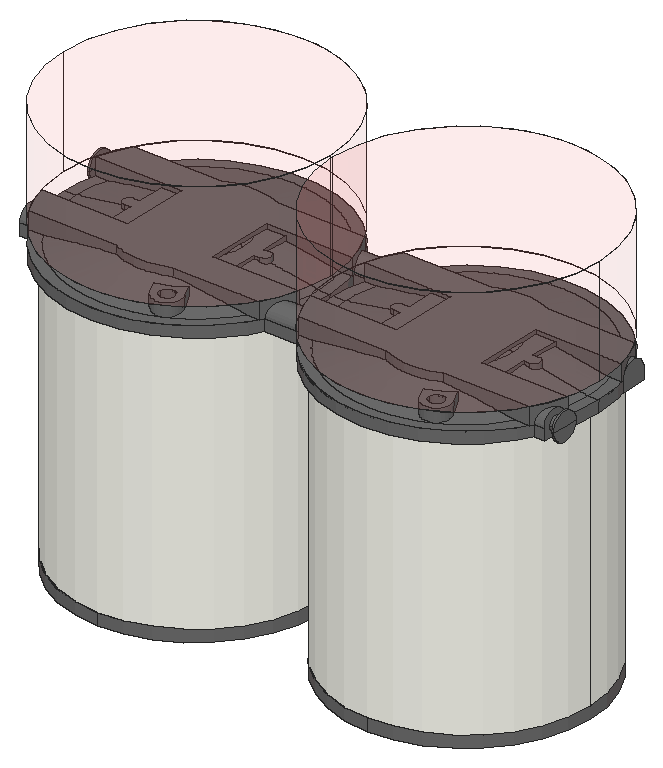
Revit family
Parameters (values of type "1320CRF")
  Watermarked By = "http://revitwatermark.com"
  Water_Ice Tank Volume = "3310 Gallons"
  Warning = "Ice tanks are a component in an ice storage system including chillers, pumps, and controls. Contact CALMAC for IceBank® selection support to make sure all system components will work together properly."
  URL = "http://www.calmac.com/"
  Total Cooling Capacity [instance] = 0.0 ton
  Tank Net Usable Capacity = "324 Ton-Hrs"
  Product Page URL = "http://calmac.com/products/icebank.asp"
  Is Tank 2 Lid Visible = not(CTRL Off)  # yes
  Is Tank 2 Front Right Connector Visible = not(CTRL Off)  # yes
  Is Tank 2 Front Left Connector Visible = not(CTRL Off)  # yes
  Is Tank 2 Back Right Connector Visible = not(CTRL Off)  # yes
  Is Tank 2 Back Left Connector Visible = not(CTRL Off)  # yes
  Is Tank 1 Front Right Connector Visible = not(CTRL Off)  # yes
  Is Tank 1 Front Left Connector Visible = not(CTRL Off)  # yes
  Is Tank 1 Back Right Connector Visible = not(CTRL On)  # no
  Is Tank 1 Back Left Connector Visible = not(CTRL Off)  # yes
  Surface Finish = Plastic- Calmac- Black
  Supply Coolant Temperature [instance] = -459.67 °F
  Storage Inlet Temperature [instance] = 60 °F
  Shipping Weight = 4000.00 lbf
  Return Coolant Temperature [instance] = -459.67 °F
  Requires Plate Heat Exchanger [instance] = no
  Project/Customer = ""
  Product Documentation Link = "http://calmac.com/products/documents/CS-51Model-1320CRFDecember2007.pdf"
  Pressure Drop [instance] = 0.00 psi
  Precool Hours [instance] = 0
  Pipe Material = Plastic- Calmac- Black
  Operating Weight = 34000.00 lbf
  Occupied Hours [instance] = 0
  Model = "1320C"
  Maximum Operating Temperature = "38°C"
  Maximum Operating Pressure = "620 kPa"
  Manufacturer e-mail = "info@Calmac.com"
  Manufacturer Contact Details = "CALMAC Manufacturing Corporation Headquarters, 3-00 Banta Place, Fair Lawn, NJ  07410, Tel: (201) 797-1511, Fax: (201) 797-1522"
  Manufacturer = " CALMAC Manufacturing Corp."  # constant formula
  Main Use [instance] = ""
  Location [instance] = ""
  Lid Type = Cooling_Plant_Accessories-Calmac-IceBank-Lid_C : Lid-C
  Lid Diameter = 7' - 5"  # constant formula
  Leg 4 = 11' - 3 1/256"  # constant formula
  Leg 2 = 7' - 6"  # constant formula
  Leg 1 = 3' - 9"  # constant formula
  Latent Cooling Capacity [instance] = 0.0 ton
  Inlet Outlet Center Height = 8' - 0 1/2"  # constant formula
  Heat Exchanger Volume = "315 Gallons"
  Has Rigging Bar [instance] = no
  Has Plate and Frame Heat Exchanger [instance] = no
  Has Ice Inventory Meter [instance] = no
  Has Heat Transfer Fluid [instance] = no
  Has Glycol Management System [instance] = no
  Floor Loading Weight = "391 lb/sq.ft."
  Factory Tested Pressure = "1724 kPa"
  Diversity Factor [instance] = 0
  Discharge Rate [instance] = 0
  Discharge Hours [instance] = 0
  Description = "Off-Peak Cooling System"
  Is Clearance Box Visible [instance] = yes
  Clearance Box Height = 3' - 0"  # constant formula
  City/State [instance] = ""
  CTRL On = yes
  CTRL Off = not(CTRL On)  # no
  CTRL Hydronic Supply Description = "Hydronic Supply"  # constant formula
  CTRL Hydronic Return Description = "Hydronic Return"  # constant formula
  CTRL Base Radius = 3' - 5 3/8"
  Body Material = Plastic- Calmac- Off_White
  Has Solid Base [instance] = yes
  Is Tank 2 Visible = not(CTRL Off)  # yes
  Base Height = Inlet Outlet Center Height - 0' 3 3/4"  # 7' - 8 3/4"
  Base Finish = Plastic- Calmac- Black
  Assembly Code = "D3030300"
  Actual Chilled Water Flow [instance] = 0 GPM
Reference planes (in)
  plane 1 "Center (Front/Back)": y = 0
  plane 2 "Bottom": z = 0
  plane 3 "Center (Left/Right)": x = 0
  plane 4 "Left 2 Center (L/R)": x = -90
  plane 5 "T.O. Base": z = 92.75
  plane 6 "Inlet/Outlet Center (Elevation)": z = 96.5
  plane 7 "Right Connector Face": x = 45
  plane 8 "Left Connector Face": x = -135.00391
  plane 9 "T1-T2": x = -44.9993
  plane 10 "T.O. Lid": z = 102
  plane 11 "Top": z = 138
  plane 12 "Front Connector Center (F/B)": y = -16.5
  plane 13 "Back Connector Center (F/B)": y = 16.5
  plane 14 "Back": y = 44.5
  plane 15 "Front": y = -44.5
  plane 16 "Actual Dim Left": x = -136.01172
  plane 17 "Actual Dim Right": x = 46.0007
Dimensions and locks (in)
  "Leg 2": plane 4 "Left 2 Center (L/R)" to nested 4
  locked: plane 6 "Inlet/Outlet Center (Elevation)" to plane 5 "T.O. Base" at 3.75
  "Inlet Outlet Center Height": plane 6 "Inlet/Outlet Center (Elevation)" to plane 2 "Bottom"
  "Leg 1": plane 3 "Center (Left/Right)" to plane 7 "Right Connector Face"
  "Leg 4": plane 8 "Left Connector Face" to plane 3 "Center (Left/Right)"
  locked: plane 7 "Right Connector Face" to plane 9 "T1-T2" at 89.9993
  locked: plane 10 "T.O. Lid" to plane 6 "Inlet/Outlet Center (Elevation)" at 5.5
  locked: plane 12 "Front Connector Center (F/B)" to plane 1 "Center (Front/Back)" at 16.5
  locked: plane 1 "Center (Front/Back)" to plane 13 "Back Connector Center (F/B)" at 16.5
  locked: plane 15 "Front" to plane 1 "Center (Front/Back)" at 44.5
  locked: plane 1 "Center (Front/Back)" to plane 14 "Back" at 44.5
  "Clearance Box Height": plane 11 "Top" to plane 10 "T.O. Lid"
  aligned and locked: plane 1 "Center (Front/Back)" to nested 1
  aligned and locked: plane 3 "Center (Left/Right)" to nested 1
  aligned and locked: plane 4 "Left 2 Center (L/R)" to nested 2
  aligned and locked: plane 1 "Center (Front/Back)" to nested 2
  aligned and locked: plane 1 "Center (Front/Back)" to nested 3
  aligned and locked: plane 4 "Left 2 Center (L/R)" to nested 3
  aligned and locked: plane 3 "Center (Left/Right)" to nested 4
  aligned and locked: plane 1 "Center (Front/Back)" to nested 4
  aligned and locked: plane 5 "T.O. Base" to nested 4
  aligned and locked: plane 5 "T.O. Base" to nested 3
  aligned and locked: nested 3 to nested 4
  aligned and locked: plane 17 "Actual Dim Right" to nested 4
  aligned and locked: plane 16 "Actual Dim Left" to nested 3
Nested families (in)
  nested 1: "Cooling_Plant_Accessories-Calmac-IceBank-Base" at (0, 0, 0), type "Base"
    with Is Symbolic Line Visible no, Has Solid Base yes, CTRL Inner Wall Radius 3' - 4 1/2", CTRL Base Radius 3' - 5 3/8", Base Height 7' - 8 3/4"
  nested 2: "Cooling_Plant_Accessories-Calmac-IceBank-Base" at (-90, 0, 0), visible <- "Is Tank 2 Visible", type "Base"
    with Is Symbolic Line Visible no, Has Solid Base yes, CTRL Inner Wall Radius 3' - 4 1/2", CTRL Base Radius 3' - 5 3/8", Base Height 7' - 8 3/4"
  nested 3: "Cooling_Plant_Accessories-Calmac-IceBank-Lid_C" at (-90, 0, 92.75), type <- "Lid Type", visible <- "Is Tank 2 Lid Visible", Is Front Right  Flanged Connector Visibility <- "Is Tank 2 Front Right Connector Visible", Is Front Left  Flanged Connector Visibility <- "CTRL Off", Is Clearance Box Visible <- "Is Clearance Box Visible", Is Back Right Flanged Connector Visibility <- "CTRL Off", Is Back Left  Flanged Connector Visibility <- "Is Tank 2 Back Left Connector Visible", Diameter <- "Lid Diameter", Clearance Box Height <- "Clearance Box Height", type "Lid-C"
    with Show Piping Insulation yes, Is Front Right  Flanged Connector Visibility yes, Is Front Left  Flanged Connector Visibility no, Is Clearance Box Visible yes, Is Back Right Flanged Connector Visibility no, Is Back Left  Flanged Connector Visibility yes, Insulation Length Right 11' - 0 19/32", Insulation Length Left 3' - 6 19/32", Diameter 7' - 5", Connections Rear Cooling_Plant_Accessories-Calmac-IceBank-4-Inch Flanged Connection : Flange, Connections Front Cooling_Plant_Accessories-Calmac-IceBank-4-Inch Flanged Connection : Flange, Clearance Box Height 3' - 0", CTRL Radius 3' - 8 1/2"
  nested 4: "Cooling_Plant_Accessories-Calmac-IceBank-Lid_C" at (0, 0, 92.75), type <- "Lid Type", Is Front Right  Flanged Connector Visibility <- "CTRL Off", Is Front Left  Flanged Connector Visibility <- "CTRL Off", Is Clearance Box Visible <- "Is Clearance Box Visible", Is Back Right Flanged Connector Visibility <- "CTRL Off", Is Back Left  Flanged Connector Visibility <- "CTRL Off", Diameter <- "Lid Diameter", Clearance Box Height <- "Clearance Box Height", type "Lid-C"
    with Show Piping Insulation no, Is Front Right  Flanged Connector Visibility no, Is Front Left  Flanged Connector Visibility no, Is Clearance Box Visible yes, Is Back Right Flanged Connector Visibility no, Is Back Left  Flanged Connector Visibility no, Insulation Length Right 3' - 6 19/32", Insulation Length Left 3' - 6 19/32", Diameter 7' - 5", Connections Rear Cooling_Plant_Accessories-Calmac-IceBank-4-Inch Flanged Connection : Flange, Connections Front Cooling_Plant_Accessories-Calmac-IceBank-4-Inch Flanged Connection : Flange, Clearance Box Height 3' - 0", CTRL Radius 3' - 8 1/2"
Connectors (in)
  piping at (45.0007, -16.5, 96.5), driven by "CTRL Hydronic Return Description", driven by "Actual Chilled Water Flow"
    settings: on nested 4, index 2, connector radius 2", flow factor 0, pipe flow 0 GPM, pressure drop 0.00 psi, fitting loss kfactor 0, connector angle 0.00°, fixture units 0, flow configuration 0, flow direction 1, fitting loss method 0, system type 8, connector reference index -1, connector utility 0, adjustable connector no, is connector primary yes, fitting loss table "", connector description "Hydronic Return"
  piping at (-135.0007, 16.5, 96.5), driven by "CTRL Hydronic Supply Description", driven by "Actual Chilled Water Flow"
    settings: on nested 3, index 4, connector radius 2", flow factor 0, pipe flow 0 GPM, pressure drop 0.00 psi, fitting loss kfactor 0, connector angle 0.00°, fixture units 0, flow configuration 0, flow direction 2, fitting loss method 0, system type 7, connector reference index -1, connector utility 0, adjustable connector no, is connector primary no, fitting loss table "", connector description "Hydronic Supply"
Definition of nested family "Cooling_Plant_Accessories-Calmac-IceBank-Base"
  Parameters (values of type "Base")
    Wall Thickness = 0' - 0 7/8"
    URL = "http://www.calmac.com/"
    Type Comments = ""
    Is Symbolic Line Visible = not(Has Solid Base)  # yes
    Has Solid Base = no
    Model = ""
    Manufacturer = "CALMAC Manufacturing Corp."  # constant formula
    CTRL Inner Wall Radius = CTRL Base Radius - Wall Thickness  # 3' - 0"
    CTRL Base Radius = 3' - 0 7/8"
    Body Material = Plastic- Calmac- Off_White
    Base Height = 3' - 7 5/16"
    Base Finish = Plastic- Calmac- Black
    Assembly Code = "D3030"
  Reference planes (in)
    plane 1 "Center (Front/Back)": y = 0
    plane 2 "Bottom": z = 0
    plane 3 "Center (Left/Right)": x = 0
    plane 4 "Back": y = 36.875
    plane 5 "Front": y = -36.875
    plane 6 "Right": x = 36.875
    plane 7 "Left": x = -36.875
    plane 8 "T.O. Base Plate": z = 4
    plane 9 "Right Edge of Right Void": x = 24.125
    plane 10 "Left Edge of Right Void": x = 13.125
    plane 11 "Left Edge of Left Void": x = -24.125
    plane 12 "Right Edge of Left Void": x = -13.125
    plane 13 "T.O. Base Void": z = 2
    plane 14 "T.O. Base": z = 43.3125
  Forms (in)
    Extrusion 1, solid, material "Plastic- Calmac- Black" <- "Base Finish", visible <- "Is Symbolic Line Visible", detail levels fine
      sketch origin (0, 0, 0) x (1, 0, 0) y (0, 1, 0)
        loop
          circle (0, 0) r 36.875
      from 0 to 4
    Extrusion 2, void
      sketch origin (0, 0, 0) x (1, 0, 0) y (0, 1, 0)
        loop
          line (-24.125, 36.875) -> (-24.125, -36.875) -> (-13.125, -36.875) -> (-13.125, 36.875) -> (-24.125, 36.875)
        loop
          line (13.125, 36.875) -> (13.125, -36.875) -> (24.125, -36.875) -> (24.125, 36.875) -> (13.125, 36.875)
      from 0 to 2
    Extrusion 3, solid, material "Plastic- Calmac- Off_White" <- "Body Material", detail levels fine
      sketch origin (0, 0, 0) x (1, 0, 0) y (0, 1, 0)
        loop
          circle (0, 0) r 36.875
        loop
          circle (0, 0) r 36
      from 4 to 43.3125
    Extrusion 4, solid, material "Plastic- Calmac- Black" <- "Base Finish", visible <- "Has Solid Base", detail levels fine
      sketch origin (0, 0, 43.3125) x (0, -1, 0) y (1, 0, 0)
        loop
          circle (0, 0) r 36.875
      from -43.3125 to -39.3125
  Cuts and joins
    Extrusion 2 cuts Extrusion 3
    Extrusion 2 cuts Extrusion 1
  Lines and regions (in)
    Masking region 1
      outline origin (0, 0, 0) x (1, 0, 0) y (0, 1, 0)
        loop
          circle (0, 0) r 36.875
    Masking region 2
      outline origin (0, 0, 0) x (1, 0, 0) y (0, 0, 1)
        loop
          line (-36.875, 0) -> (36.875, 0) -> (36.875, 43.3125) -> (-36.875, 43.3125) -> (-36.875, 0)
    Masking region 3
      outline origin (0, 0, 0) x (0, 1, 0) y (0, 0, 1)
        loop
          line (-36.875, 0) -> (36.875, 0) -> (36.875, 43.3125) -> (-36.875, 43.3125) -> (-36.875, 0)
    symbolic lines, style "Base", detail levels medium+fine
      curve 1: line (-36.875, 0, 4) -> (36.875, 0, 4)
      curve 8: line (0, -36.875, 4) -> (0, 36.875, 4)
    symbolic lines, style "Base", visible <- "Is Symbolic Line Visible", detail levels medium+fine
      curve 2: line (-24.125, 0, 0) -> (-24.125, 0, 2)
      curve 3: line (-24.125, 0, 2) -> (-13.125, 0, 2)
      curve 4: line (13.125, 0, 2) -> (24.125, 0, 2)
      curve 5: line (13.125, 0, 0) -> (13.125, 0, 2)
      curve 6: line (24.125, 0, 0) -> (24.125, 0, 2)
      curve 7: line (-13.125, 0, 0) -> (-13.125, 0, 2)
    model lines, style "Base", detail levels medium
      curve 9: circle (0, 0, 43.3125) r 36.875 normal (0, 0, 1)
      curve 10: circle (0, 0, 4) r 36.875 normal (0, 0, 1)
      curve 11: circle (0, 0, 0) r 36.875 normal (0, 0, 1)
      curve 12: line (36.875, 0, 0) -> (36.875, 0, 43.3125)
      curve 13: line (-36.875, 0, 0) -> (-36.875, 0, 43.3125)
      curve 14: line (0, -36.875, 0) -> (0, -36.875, 43.3125)
      curve 15: line (0, 36.875, 0) -> (0, 36.875, 43.3125)
    model lines, style "Base", detail levels coarse
      curve 16: line (0, 0, 0) -> (0, 0, 43.3125)
  Dimensions and locks (in)
    locked: plane 7 "Left" to plane 11 "Left Edge of Left Void" at 12.75
    locked: plane 7 "Left" to plane 12 "Right Edge of Left Void" at 23.75
    locked: plane 9 "Right Edge of Right Void" to plane 6 "Right" at 12.75
    locked: plane 10 "Left Edge of Right Void" to plane 6 "Right" at 23.75
    "CTRL Base Radius": plane 7 "Left" to plane 3 "Center (Left/Right)"
    "CTRL Base Radius": plane 3 "Center (Left/Right)" to plane 6 "Right"
    "CTRL Base Radius": plane 1 "Center (Front/Back)" to plane 4 "Back"
    "CTRL Base Radius": plane 5 "Front" to plane 1 "Center (Front/Back)"
    locked: plane 8 "T.O. Base Plate" to plane 2 "Bottom" at 4
    "Base Height": plane 14 "T.O. Base" to plane 2 "Bottom"
    locked: plane 13 "T.O. Base Void" to plane 2 "Bottom" at 2
    "CTRL Base Radius": radius of Extrusion 1 sketch curve
    "CTRL Base Radius": radius of Extrusion 3 sketch curve
    "CTRL Inner Wall Radius": radius of Extrusion 3 sketch curve
    "CTRL Base Radius": radius of Masking region 1 sketch curve
    "CTRL Base Radius": radius of curve 9
    "CTRL Base Radius": radius of curve 10
    "CTRL Base Radius": radius of curve 11
    "CTRL Base Radius": radius of Extrusion 4 sketch curve
    aligned and locked: plane 3 "Center (Left/Right)" to Extrusion 1 sketch curve
    aligned and locked: plane 1 "Center (Front/Back)" to Extrusion 1 sketch curve
    aligned and locked: Extrusion 1 to plane 2 "Bottom"
    aligned and locked: plane 8 "T.O. Base Plate" to Extrusion 1
    aligned and locked: plane 2 "Bottom" to Extrusion 1
    aligned and locked: Extrusion 2 sketch curve to plane 4 "Back"  (x2)
    aligned and locked: Extrusion 2 sketch curve to plane 12 "Right Edge of Left Void"
    aligned and locked: plane 11 "Left Edge of Left Void" to Extrusion 2 sketch curve
    aligned and locked: Extrusion 2 sketch curve to plane 5 "Front"  (x2)
    aligned and locked: Extrusion 2 sketch curve to plane 10 "Left Edge of Right Void"
    aligned and locked: Extrusion 2 sketch curve to plane 9 "Right Edge of Right Void"
    aligned and locked: plane 13 "T.O. Base Void" to Extrusion 2
    aligned and locked: Extrusion 2 to plane 2 "Bottom"
    aligned and locked: Extrusion 2 to plane 5 "Front"
    aligned and locked: plane 4 "Back" to Extrusion 2
    aligned and locked: Extrusion 2 to plane 13 "T.O. Base Void"  (x2)
    aligned and locked: plane 11 "Left Edge of Left Void" to Extrusion 2
    aligned and locked: plane 2 "Bottom" to Extrusion 2  (x2)
    aligned and locked: Extrusion 2 to plane 12 "Right Edge of Left Void"
    aligned and locked: plane 10 "Left Edge of Right Void" to Extrusion 2
    aligned and locked: Extrusion 2 to plane 9 "Right Edge of Right Void"
    aligned and locked: plane 3 "Center (Left/Right)" to Extrusion 3 sketch curve  (x2)
    aligned and locked: plane 1 "Center (Front/Back)" to Extrusion 3 sketch curve  (x2)
    aligned and locked: Extrusion 3 to plane 8 "T.O. Base Plate"
    aligned and locked: plane 14 "T.O. Base" to Extrusion 3
    aligned and locked: plane 3 "Center (Left/Right)" to Masking region 1 sketch curve
    aligned and locked: plane 1 "Center (Front/Back)" to Masking region 1 sketch curve
    aligned and locked: Masking region 2 sketch curve to plane 14 "T.O. Base"
    aligned and locked: plane 6 "Right" to Masking region 2 sketch curve
    aligned and locked: plane 2 "Bottom" to Masking region 2 sketch curve
    aligned and locked: Masking region 2 sketch curve to plane 7 "Left"
    aligned and locked: plane 7 "Left" to curve 1
    aligned and locked: plane 6 "Right" to curve 1
    aligned and locked: curve 1 to plane 8 "T.O. Base Plate"
    aligned and locked: plane 11 "Left Edge of Left Void" to curve 3
    aligned and locked: plane 12 "Right Edge of Left Void" to curve 3
    aligned and locked: curve 3 to plane 13 "T.O. Base Void"
    aligned and locked: plane 2 "Bottom" to curve 2
    aligned and locked: curve 2 to plane 11 "Left Edge of Left Void"
    aligned and locked: plane 10 "Left Edge of Right Void" to curve 4
    aligned and locked: plane 9 "Right Edge of Right Void" to curve 4
    aligned and locked: plane 13 "T.O. Base Void" to curve 5
    aligned and locked: plane 13 "T.O. Base Void" to curve 6
    aligned and locked: plane 2 "Bottom" to curve 5
    aligned and locked: curve 5 to plane 10 "Left Edge of Right Void"
    aligned and locked: curve 6 to plane 9 "Right Edge of Right Void"
    aligned and locked: plane 13 "T.O. Base Void" to curve 7
    aligned and locked: plane 2 "Bottom" to curve 7
    aligned and locked: curve 7 to plane 12 "Right Edge of Left Void"
    aligned and locked: plane 5 "Front" to Masking region 3 sketch curve
    aligned and locked: plane 14 "T.O. Base" to Masking region 3 sketch curve
    aligned and locked: Masking region 3 sketch curve to plane 4 "Back"
    aligned and locked: plane 2 "Bottom" to Masking region 3 sketch curve
    aligned and locked: plane 4 "Back" to curve 8
    aligned and locked: plane 5 "Front" to curve 8
    aligned and locked: curve 8 to plane 8 "T.O. Base Plate"
    aligned and locked: plane 3 "Center (Left/Right)" to curve 9
    aligned and locked: plane 1 "Center (Front/Back)" to curve 9
    aligned and locked: curve 9 to plane 14 "T.O. Base"
    aligned and locked: curve 10 to plane 8 "T.O. Base Plate"
    aligned and locked: plane 3 "Center (Left/Right)" to curve 10
    aligned and locked: plane 1 "Center (Front/Back)" to curve 10
    aligned: curve 11 to plane 2 "Bottom"
    aligned and locked: plane 3 "Center (Left/Right)" to curve 11
    aligned and locked: plane 1 "Center (Front/Back)" to curve 11
    aligned and locked: plane 14 "T.O. Base" to curve 12
    aligned and locked: plane 14 "T.O. Base" to curve 13
    aligned and locked: plane 2 "Bottom" to curve 12
    aligned and locked: plane 2 "Bottom" to curve 13
    aligned and locked: curve 12 to plane 6 "Right"
    aligned and locked: curve 13 to plane 7 "Left"
    aligned and locked: curve 12 to plane 1 "Center (Front/Back)"
    aligned and locked: curve 13 to plane 1 "Center (Front/Back)"
    aligned and locked: plane 14 "T.O. Base" to curve 14
    aligned and locked: plane 14 "T.O. Base" to curve 15
    aligned and locked: plane 2 "Bottom" to curve 14
    aligned and locked: plane 2 "Bottom" to curve 15
    aligned and locked: plane 4 "Back" to curve 15
    aligned and locked: plane 5 "Front" to curve 14
    aligned and locked: plane 3 "Center (Left/Right)" to curve 14
    aligned and locked: plane 3 "Center (Left/Right)" to curve 15
    aligned and locked: plane 14 "T.O. Base" to curve 16
    aligned and locked: plane 2 "Bottom" to curve 16
    aligned and locked: plane 3 "Center (Left/Right)" to curve 16
    aligned and locked: curve 16 to plane 1 "Center (Front/Back)"
    aligned and locked: plane 1 "Center (Front/Back)" to Extrusion 4 sketch curve
    aligned and locked: plane 3 "Center (Left/Right)" to Extrusion 4 sketch curve
    aligned and locked: plane 8 "T.O. Base Plate" to Extrusion 4
    aligned and locked: Extrusion 4 to plane 2 "Bottom"
  Automatic sketch dimensions
    curve 6 to level = 0' - 0"
Definition of nested family "Cooling_Plant_Accessories-Calmac-IceBank-Lid_C"
  Parameters (values of type "Lid-C")
    Surface Finish = Plastic- Calmac- Black
    Show Piping Insulation [instance] = yes
    Insulation Length Right [instance] = 3' - 6 19/32"
    Insulation Length Left [instance] = 3' - 6 19/32"
    Connections Rear [instance] = Cooling_Plant_Accessories-Calmac-IceBank-4-Inch Flanged Connection : Flange
    Pipe Material = Plastic- Calmac- Black
    Is Front Right  Flanged Connector Visibility [instance] = yes
    Is Front Left  Flanged Connector Visibility [instance] = yes
    Connections Front [instance] = Cooling_Plant_Accessories-Calmac-IceBank-4-Inch Flanged Connection : Flange
    Diameter [instance] = 7' - 4 5/8"
    Is Clearance Box Visible [instance] = yes
    Clearance Box Height [instance] = 3' - 0"
    CTRL Radius [instance] = Diameter / 2  # 3' - 8 5/16"
    Is Back Right Flanged Connector Visibility [instance] = yes
    Is Back Left  Flanged Connector Visibility [instance] = yes
  Reference planes (in)
    plane 1 "Center (Front/Back)": y = 0
    plane 2 "Bottom": z = 0
    plane 3 "Center (Left/Right)": x = 0
    plane 4 "Back": y = 44.315
    plane 5 "Back Connector Back": y = 20.75
    plane 6 "Back Connector Center": y = 16.5
    plane 7 "Back Connector Front": y = 12.25
    plane 8 "Piping Back": y = 21.88647
    plane 9 "Rigging Back": y = 11.25
    plane 10 "Rigging Loop Back": y = 2
    plane 11 "Top Back Edge": y = 24
    plane 12 "Back Inset": y = 40.5
    plane 13 "Back Bolt Front": y = 41.313
    plane 14 "Front": y = -44.315
    plane 15 "Front Connection Front": y = -20.75
    plane 16 "Fron Connector Center": y = -16.5
    plane 17 "Front Connector Back": y = -12.25
    plane 18 "Piping Front": y = -21.88647
    plane 19 "Rigging Front": y = -11.25
    plane 20 "Rigging Loop Front": y = -2
    plane 21 "Top Front Edge": y = -24
    plane 22 "Front Inset": y = -40.5
    plane 23 "Pad Eye Back Right": y = -25.81593
    plane 24 "Pad Eye Back Left Offset": y = -29.90257
    plane 25 "Pad Eye Hole": y = -34.65277
    plane 26 "Pad Eye Back Left": y = -29.72849
    plane 27 "Pad Eye Front Center": y = -36.16371
    plane 28 "Left Connection": x = -44.04297
    plane 29 "Left": x = -44.31273
    plane 30 "Left Lip Inset": x = -40.49773
    plane 31 "Left Rigging Loop Left": x = -24.67173
    plane 32 "Left Rigging Loop Inset": x = -21.42181
    plane 33 "Left Rigging Loop Right": x = -20.67011
    plane 34 "Left Rigging Right": x = -14.19546
    plane 35 "Top Left": x = -9.54335
    plane 36 "Right Connection": x = 44.04297
    plane 37 "Right": x = 44.31273
    plane 38 "Lid Inset Right": x = 40.49773
    plane 39 "Right Rigging Loop Right": x = 24.67173
    plane 40 "Right Rigging Loop Inset": x = 21.42181
    plane 41 "Right Rigging Loop Left": x = 20.67011
    plane 42 "Right Rigging Left": x = 14.19546
    plane 43 "Top Right": x = 9.54335
    plane 44 "Connection Sleeve Left": x = -42.58273
    plane 45 "Connection Sleeve Right": x = 42.58273
    plane 46 "Right Center": x = 17.8202
    plane 47 "Bolt Inset Right": x = 1.00017
    plane 48 "Bolt Inset Left": x = -1.00017
    plane 49 "Bolt Inset Center": y = 42.31422
    plane 50 "Top Left Inset": x = -38.53052
    plane 51 "Top Right Inset": x = 38.53052
    plane 52 "Right Side Chanel": x = 42.86089
    plane 53 "Left Side Channel": x = -42.86089
    plane 54 "Top of Clearance Box": z = 45.25
    plane 55 "Top": z = 9.25
    plane 56 "Connector Channel Top": z = 8
    plane 57 "Center (Elevation)": z = 3.75
    plane 58 "Front Inset 2": y = -36.85443
    plane 59 "Flange Right": x = 46.0007
    plane 60 "Insulation - Right": x = 42.59375
    plane 61 "Insulation - Left": x = -42.59375
    plane 62 "Flange Left": x = -46.01172
    plane 63: x = 46.01172
  Forms (in)
    Revolve 1, solid, material "Plastic- Calmac- Black" <- "Surface Finish", detail levels fine
      sketch origin (0, 0, 0) x (1, 0, 0) y (0, 0, 1)
        loop
          line (0, 9) -> (0, 0) -> (44.31273, 0) -> (44.31273, 3.75) -> (40.49773, 3.75) -> (9.54335, 9) -> (0, 9)
        axis (0, 9) -> (0, 0)
      angle from 0 to 360
    Extrusion 2, solid, material "Plastic- Calmac- Black" <- "Surface Finish", detail levels fine
      sketch origin (0, 0, 0) x (1, 0, 0) y (0, 1, 0)
        loop
          arc (-38.53052, 21.88647) -> (-41.04173, 16.70911) -> (-42.86089, 11.25) r 44.31273
          line (-42.86089, 11.25) -> (-14.19546, 11.25) -> (-14.19546, -11.25) -> (-42.86089, -11.25)
          arc (-42.86089, -11.25) -> (-41.04173, -16.70911) -> (-38.53052, -21.88647) r 44.31273
          line (-38.53052, -21.88647) -> (-9.54335, -21.88647)
          arc (-9.54335, -21.88647) -> (0, -24) -> (9.54335, -21.88647) r 22.60261
          line (9.54335, -21.88647) -> (38.53052, -21.88647)
          arc (38.53052, -21.88647) -> (41.04173, -16.70911) -> (42.86089, -11.25) r 44.31273
          line (42.86089, -11.25) -> (14.19546, -11.25) -> (14.19546, 11.25) -> (42.86089, 11.25)
          arc (42.86089, 11.25) -> (41.04173, 16.70911) -> (38.53052, 21.88647) r 44.31273
          line (38.53052, 21.88647) -> (9.54335, 21.88647)
          arc (9.54335, 21.88647) -> (0, 24) -> (-9.54335, 21.88647) r 22.60261
          line (-9.54335, 21.88647) -> (-38.53052, 21.88647)
      from 3.75 to 9.25
    Extrusion 3, solid, material "Plastic- Calmac- Black" <- "Surface Finish", visible <- "Show Piping Insulation", detail levels fine
      sketch origin (0, 0, 0) x (0, 1, 0) y (0, 0, 1)
        loop
          arc (20.75, 3.75) -> (16.5, 8) -> (12.25, 3.75) r 4.25
          line (12.25, 3.75) -> (12.25, 0) -> (20.75, 0) -> (20.75, 3.75)
        loop
          arc (-12.25, 3.75) -> (-16.5, 8) -> (-20.75, 3.75) r 4.25
          line (-20.75, 3.75) -> (-20.75, 0) -> (-12.25, 0) -> (-12.25, 3.75)
      from -42.59375 to 42.59375
    Extrusion 4, solid, material "Plastic- Calmac- Black" <- "Surface Finish", detail levels fine
      sketch origin (0, 0, 0) x (1, 0, 0) y (0, 1, 0)
        loop
          circle (15.75299, -32.19443) r 2.46875
        loop
          arc (17.70624, -25.58301) -> (13.67455, -27.9461) -> (9.33437, -29.67863) r 31.11
          line (9.33437, -29.67863) -> (11.56709, -34.24232)
          arc (11.56709, -34.24232) -> (17.80089, -36.38032) -> (19.93889, -30.14653) r 4.66
          line (19.93889, -30.14653) -> (17.70624, -25.58301)
      from 3.75 to 8
    Extrusion 5, solid, material "Plastic- Calmac- Black" <- "Surface Finish", detail levels fine
      sketch origin (0, 0, 0) x (1, 0, 0) y (0, 1, 0)
        loop
          line (-20.67011, 11.25) -> (-20.67011, 2) -> (-22.67173, 2)
          arc (-22.67173, 2) -> (-24.67173, 0) -> (-22.67173, -2) r 2
          line (-22.67173, -2) -> (-20.67011, -2) -> (-20.67011, -11.25) -> (-14.19546, -11.25) -> (-14.19546, 11.25) -> (-20.67011, 11.25)
        loop
          line (20.67011, 2) -> (20.67011, 11.25) -> (14.19546, 11.25) -> (14.19546, -11.25) -> (20.67011, -11.25) -> (20.67011, -2) -> (22.67548, -2)
          arc (22.67548, -2) -> (24.67548, 0) -> (22.67548, 2) r 2
          line (22.67548, 2) -> (20.67011, 2)
      from 3.75 to 8
  Cuts and joins
    joined: Revolve 1, Extrusion 2, Extrusion 4, Extrusion 5
  Lines and regions (in)
    Masking region 1
      outline origin (0, 0, 0) x (1, 0, 0) y (0, 0, 1)
        loop
          line (-44.31273, 9.25) -> (-44.31273, 0) -> (44.31273, 0) -> (44.31273, 9.25) -> (-44.31273, 9.25)
    Masking region 2
      outline origin (0, 0, 0) x (0, 1, 0) y (0, 0, 1)
        loop
          line (44.315, 3.75) -> (40.5, 3.75) -> (24, 6.54801) -> (24, 9.25) -> (-24, 9.25) -> (-24, 6.54801) -> (-25.58301, 6.26888) -> (-25.58301, 8) -> (-36.85443, 8) -> (-36.85443, 4.39281) -> (-40.5, 3.75) -> (-44.315, 3.75) -> (-44.315, 0) -> (44.315, 0) -> (44.315, 3.75)
    Masking region 3
      outline origin (0, 0, 3.75) x (-1, 0, 0) y (0, -1, 0)
        loop
          circle (0, 0) r 44.31273
    Masking region 4, visible <- "Show Piping Insulation"
      outline origin (0, 0, 9) x (-1, 0, 0) y (0, -1, 0)
        loop
          line (42.59375, -20.75) -> (42.59375, -12.25) -> (-42.59375, -12.25) -> (-42.59375, -20.75) -> (42.59375, -20.75)
        loop
          line (42.59375, 12.25) -> (42.59375, 20.75) -> (-42.59375, 20.75) -> (-42.59375, 12.25) -> (42.59375, 12.25)
    Masking region 5, visible <- "Show Piping Insulation"
      outline origin (0, 0, 0) x (1, 0, 0) y (0, 0, 1)
        loop
          line (-42.59375, 8) -> (-42.59375, 0) -> (42.59375, 0) -> (42.59375, 8) -> (-42.59375, 8)
    symbolic lines, detail levels fine
      curve 1: line (1.00017, 44.315, 3.75) -> (1.00017, 42.31422, 3.75)
      curve 2: line (-1.00017, 44.315, 3.75) -> (-1.00017, 42.31422, 3.75)
      curve 3: arc (-1.00017, 42.31422, 3.75) -> (0, 41.31405, 3.75) -> (1.00017, 42.31422, 3.75) r 1.00017
      curve 4: line (10.83611, 42.98137, 3.75) -> (10.39089, 41.03076, 3.75)
      curve 5: line (8.88592, 43.42649, 3.75) -> (8.44071, 41.47588, 3.75)
      curve 6: arc (8.44071, 41.47588, 3.75) -> (9.19324, 40.27822, 3.75) -> (10.39089, 41.03076, 3.75) r 1.00017
      curve 7: line (-8.88592, 43.42649, 3.75) -> (-8.44071, 41.47588, 3.75)
      curve 8: line (-10.83611, 42.98137, 3.75) -> (-10.39089, 41.03076, 3.75)
      curve 9: arc (-10.39089, 41.03076, 3.75) -> (-9.19324, 40.27822, 3.75) -> (-8.44071, 41.47588, 3.75) r 1.00017
      curve 10: line (-18.32644, 40.36039, 3.75) -> (-17.45833, 38.55775, 3.75)
      curve 11: line (-20.12868, 39.49248, 3.75) -> (-19.26058, 37.68984, 3.75)
      curve 12: arc (-19.26058, 37.68984, 3.75) -> (-17.9255, 37.22267, 3.75) -> (-17.45833, 38.55775, 3.75) r 1.00017
      curve 13: line (-26.84799, 35.27046, 3.75) -> (-25.60052, 33.70619, 3.75)
      curve 14: line (-28.41192, 34.02327, 3.75) -> (-27.16445, 32.45899, 3.75)
      curve 15: arc (-27.16445, 32.45899, 3.75) -> (-25.75889, 32.30063, 3.75) -> (-25.60052, 33.70619, 3.75) r 1.00017
      curve 16: line (-34.02327, 28.41192, 3.75) -> (-32.45899, 27.16445, 3.75)
      curve 17: line (-35.27046, 26.84799, 3.75) -> (-33.70619, 25.60052, 3.75)
      curve 18: arc (-33.70619, 25.60052, 3.75) -> (-32.30063, 25.75889, 3.75) -> (-32.45899, 27.16445, 3.75) r 1.00017
      curve 19: line (-42.98137, 10.83611, 3.75) -> (-41.03076, 10.39089, 3.75)
      curve 20: line (-43.42649, 8.88592, 3.75) -> (-41.47588, 8.44071, 3.75)
      curve 21: arc (-41.47588, 8.44071, 3.75) -> (-40.27822, 9.19324, 3.75) -> (-41.03076, 10.39089, 3.75) r 1.00017
      curve 22: line (-44.315, 1.00017, 3.75) -> (-42.31422, 1.00017, 3.75)
      curve 23: line (-44.315, -1.00017, 3.75) -> (-42.31422, -1.00017, 3.75)
      curve 24: arc (-42.31422, -1.00017, 3.75) -> (-41.31405, 0, 3.75) -> (-42.31422, 1.00017, 3.75) r 1.00017
      curve 25: line (-43.42649, -8.88592, 3.75) -> (-41.47588, -8.44071, 3.75)
      curve 26: line (-42.98137, -10.83611, 3.75) -> (-41.03076, -10.39089, 3.75)
      curve 27: arc (-41.03076, -10.39089, 3.75) -> (-40.27822, -9.19324, 3.75) -> (-41.47588, -8.44071, 3.75) r 1.00017
      curve 28: line (-35.27046, -26.84799, 3.75) -> (-33.70619, -25.60052, 3.75)
      curve 29: line (-34.02327, -28.41192, 3.75) -> (-32.45899, -27.16445, 3.75)
      curve 30: arc (-32.45899, -27.16445, 3.75) -> (-32.30063, -25.75889, 3.75) -> (-33.70619, -25.60052, 3.75) r 1.00017
      curve 31: line (-28.41192, -34.02327, 3.75) -> (-27.16445, -32.45899, 3.75)
      curve 32: line (-26.84799, -35.27046, 3.75) -> (-25.60052, -33.70619, 3.75)
      curve 33: arc (-25.60052, -33.70619, 3.75) -> (-25.75889, -32.30063, 3.75) -> (-27.16445, -32.45899, 3.75) r 1.00017
      curve 34: line (-20.12868, -39.49248, 3.75) -> (-19.26058, -37.68984, 3.75)
      curve 35: line (-18.32644, -40.36039, 3.75) -> (-17.45833, -38.55775, 3.75)
      curve 36: arc (-17.45833, -38.55775, 3.75) -> (-17.9255, -37.22267, 3.75) -> (-19.26058, -37.68984, 3.75) r 1.00017
      curve 37: line (-10.83611, -42.98137, 3.75) -> (-10.39089, -41.03076, 3.75)
      curve 38: line (-8.88592, -43.42649, 3.75) -> (-8.44071, -41.47588, 3.75)
      curve 39: arc (-8.44071, -41.47588, 3.75) -> (-9.19324, -40.27822, 3.75) -> (-10.39089, -41.03076, 3.75) r 1.00017
      curve 40: line (-1.00017, -44.315, 3.75) -> (-1.00017, -42.31422, 3.75)
      curve 41: line (1.00017, -44.315, 3.75) -> (1.00017, -42.31422, 3.75)
      curve 42: arc (1.00017, -42.31422, 3.75) -> (0, -41.31405, 3.75) -> (-1.00017, -42.31422, 3.75) r 1.00017
      curve 43: line (8.88592, -43.42649, 3.75) -> (8.44071, -41.47588, 3.75)
      curve 44: line (10.83611, -42.98137, 3.75) -> (10.39089, -41.03076, 3.75)
      curve 45: arc (10.39089, -41.03076, 3.75) -> (9.19324, -40.27822, 3.75) -> (8.44071, -41.47588, 3.75) r 1.00017
      curve 46: line (18.32644, -40.36039, 3.75) -> (17.45833, -38.55775, 3.75)
      curve 47: line (20.12868, -39.49248, 3.75) -> (19.26058, -37.68984, 3.75)
      curve 48: arc (19.26058, -37.68984, 3.75) -> (17.9255, -37.22267, 3.75) -> (17.45833, -38.55775, 3.75) r 1.00017
      curve 49: line (26.84799, -35.27046, 3.75) -> (25.60052, -33.70619, 3.75)
      curve 50: line (28.41192, -34.02327, 3.75) -> (27.16445, -32.45899, 3.75)
      curve 51: arc (27.16445, -32.45899, 3.75) -> (25.75889, -32.30063, 3.75) -> (25.60052, -33.70619, 3.75) r 1.00017
      curve 52: line (34.02327, -28.41192, 3.75) -> (32.45899, -27.16445, 3.75)
      curve 53: line (35.27046, -26.84799, 3.75) -> (33.70619, -25.60052, 3.75)
      curve 54: arc (33.70619, -25.60052, 3.75) -> (32.30063, -25.75889, 3.75) -> (32.45899, -27.16445, 3.75) r 1.00017
      curve 55: line (42.98137, -10.83611, 3.75) -> (41.03076, -10.39089, 3.75)
      curve 56: line (43.42649, -8.88592, 3.75) -> (41.47588, -8.44071, 3.75)
      curve 57: arc (41.47588, -8.44071, 3.75) -> (40.27822, -9.19324, 3.75) -> (41.03076, -10.39089, 3.75) r 1.00017
      curve 58: line (44.315, -1.00017, 3.75) -> (42.31422, -1.00017, 3.75)
      curve 59: line (44.315, 1.00017, 3.75) -> (42.31422, 1.00017, 3.75)
      curve 60: arc (42.31422, 1.00017, 3.75) -> (41.31405, 0, 3.75) -> (42.31422, -1.00017, 3.75) r 1.00017
      curve 61: line (43.42649, 8.88592, 3.75) -> (41.47588, 8.44071, 3.75)
      curve 62: line (42.98137, 10.83611, 3.75) -> (41.03076, 10.39089, 3.75)
      curve 63: arc (41.03076, 10.39089, 3.75) -> (40.27822, 9.19324, 3.75) -> (41.47588, 8.44071, 3.75) r 1.00017
      curve 64: line (35.27046, 26.84799, 3.75) -> (33.70619, 25.60052, 3.75)
      curve 65: line (34.02327, 28.41192, 3.75) -> (32.45899, 27.16445, 3.75)
      curve 66: arc (32.45899, 27.16445, 3.75) -> (32.30063, 25.75889, 3.75) -> (33.70619, 25.60052, 3.75) r 1.00017
      curve 67: line (28.41192, 34.02327, 3.75) -> (27.16445, 32.45899, 3.75)
      curve 68: line (26.84799, 35.27046, 3.75) -> (25.60052, 33.70619, 3.75)
      curve 69: arc (25.60052, 33.70619, 3.75) -> (25.75889, 32.30063, 3.75) -> (27.16445, 32.45899, 3.75) r 1.00017
      curve 70: line (20.12868, 39.49248, 3.75) -> (19.26058, 37.68984, 3.75)
      curve 71: line (18.32644, 40.36039, 3.75) -> (17.45833, 38.55775, 3.75)
      curve 72: arc (17.45833, 38.55775, 3.75) -> (17.9255, 37.22267, 3.75) -> (19.26058, 37.68984, 3.75) r 1.00017
    symbolic lines, style "Thermal Energy Storage", detail levels medium+fine
      curve 73: arc (0, 20.75, 3.75) -> (0, 16.5, 8) -> (0, 12.25, 3.75) r 4.25
      curve 74: line (0, 20.75, 0) -> (0, 20.75, 3.75)
      curve 75: line (0, 12.25, 3.75) -> (0, 12.25, 0)
      curve 77: line (0, 21.88647, 3.75) -> (0, 21.88647, 9.25)
      curve 78: line (0, 21.88647, 3.75) -> (0, 40.5, 3.75)
      curve 80: line (0, -11.25, 3.75) -> (0, -11.25, 9.25)
      curve 86: line (0, 11.25, 9.25) -> (0, 11.25, 3.75)
      curve 87: line (0, 11.25, 3.75) -> (0, -11.25, 3.75)
      curve 88: arc (0, -12.25, 3.75) -> (0, -16.5, 8) -> (0, -20.75, 3.75) r 4.25
      curve 89: line (0, -12.25, 0) -> (0, -12.25, 3.75)
      curve 90: line (0, -20.75, 3.75) -> (0, -20.75, 0)
      curve 95: line (0, -21.88647, 9.25) -> (0, -21.88647, 3.75)
      curve 96: line (0, -21.88647, 3.75) -> (0, -40.49773, 3.75)
      curve 97: line (-38.53052, 0, 3.75) -> (38.53052, 0, 3.75)
      curve 99: line (-38.53052, 0, 3.75) -> (-38.53052, 0, 9.25)
      curve 109: line (38.53052, 0, 3.75) -> (38.53052, 0, 9.25)
      curve 111: line (-9.54335, 21.88647, 3.75) -> (-38.53052, 21.88647, 3.75)
      curve 112: arc (-38.53052, 21.88647, 3.75) -> (-41.04173, 16.70911, 3.75) -> (-42.86089, 11.25, 3.75) r 44.31273
      curve 113: line (-42.86089, 11.25, 3.75) -> (-14.19546, 11.25, 3.75)
      curve 114: line (-14.19546, 11.25, 3.75) -> (-14.19546, -11.25, 3.75)
      curve 115: line (-14.19546, -11.25, 3.75) -> (-42.86089, -11.25, 3.75)
      curve 116: arc (-42.86089, -11.25, 3.75) -> (-41.04173, -16.70911, 3.75) -> (-38.53052, -21.88647, 3.75) r 44.31273
      curve 117: line (-38.53052, -21.88647, 3.75) -> (-9.54335, -21.88647, 3.75)
      curve 118: arc (-9.54335, -21.88647, 3.75) -> (0, -24, 3.75) -> (9.54335, -21.88647, 3.75) r 22.60261
      curve 119: line (9.54335, -21.88647, 3.75) -> (38.53052, -21.88647, 3.75)
      curve 120: arc (38.53052, -21.88647, 3.75) -> (41.04173, -16.70911, 3.75) -> (42.86089, -11.25, 3.75) r 44.31273
      curve 121: line (42.86089, -11.25, 3.75) -> (14.19546, -11.25, 3.75)
      curve 122: line (14.19546, -11.25, 3.75) -> (14.19546, 11.25, 3.75)
      curve 123: line (14.19546, 11.25, 3.75) -> (42.86089, 11.25, 3.75)
      curve 124: arc (42.86089, 11.25, 3.75) -> (41.04173, 16.70911, 3.75) -> (38.53052, 21.88647, 3.75) r 44.31273
      curve 125: line (38.53052, 21.88647, 3.75) -> (9.54335, 21.88647, 3.75)
      curve 126: arc (9.54335, 21.88647, 3.75) -> (0, 24, 3.75) -> (-9.54335, 21.88647, 3.75) r 22.60261
      curve 155: arc (-34.07417, -21.88647, 3.75) -> (0, -40.51236, 3.75) -> (34.07417, -21.88647, 3.75) r 40.48056
      curve 156: arc (-38.90378, -11.25, 3.75) -> (-40.49773, 0, 3.75) -> (-38.90378, 11.25, 3.75) r 40.49773
      curve 157: arc (-34.07417, 21.88647, 3.75) -> (0, 40.5, 3.75) -> (34.07417, 21.88647, 3.75) r 40.49507
      curve 158: arc (38.90378, 11.25, 3.75) -> (40.49773, 0, 3.75) -> (38.90378, -11.25, 3.75) r 40.49773
    symbolic lines, style "Thermal Energy Storage", detail levels fine
      curve 76: line (0, 24, 6.54801) -> (0, 21.87678, 6.54801)
      curve 79: arc (0, -2, 7.09716) -> (0, -6.62882, 6.93697) -> (0, -11.25, 6.62646) r 142.52273
      curve 81: line (0, -11.25, 8) -> (0, -2, 8)
      curve 82: line (0, -2, 8) -> (0, -2, 6.75604)
      curve 83: arc (0, 11.25, 6.62646) -> (0, 6.62882, 6.93697) -> (0, 2, 7.09716) r 142.52273
      curve 84: line (0, 2, 6.75593) -> (0, 2, 8)
      curve 85: line (0, 2, 8) -> (0, 11.25, 8)
      curve 91: line (0, -36.85495, 4.39272) -> (0, -25.60206, 6.37691)
      curve 92: line (0, -24, 6.54801) -> (0, -21.9107, 6.54801)
      curve 93: spline (0, -1.99864, 6.75604) -> (0, -1.98159, 6.71429) -> (0, -1.93074, 6.67324) -> (0, -1.84694, 6.63358) -> (0, -1.73161, 6.59599) -> (0, -1.58672, 6.56109) -> (0, -1.4147, 6.52948) -> (0, -1.21849, 6.50169) -> (0, -1.0014, 6.4782) -> (0, -0.7671, 6.45941) -> (0, -0.51958, 6.44563) -> (0, -0.26302, 6.43709) -> (0, -0.00177, 6.43395)
      curve 94: spline (0, -0.00177, 6.43395) -> (0, 0.25981, 6.43472) -> (0, 0.51674, 6.44125) -> (0, 0.76466, 6.45344) -> (0, 0.99936, 6.47108) -> (0, 1.21686, 6.49387) -> (0, 1.41346, 6.52142) -> (0, 1.58583, 6.55326) -> (0, 1.73103, 6.58885) -> (0, 1.84661, 6.62759) -> (0, 1.93059, 6.66882) -> (0, 1.98156, 6.71185) -> (0, 1.99865, 6.75593)
      curve 98: spline (9.33437, 0, 6.56806) -> (7.83355, 0, 6.56193) -> (6.29236, 0, 6.55689) -> (4.71875, 0, 6.55296) -> (3.12081, 0, 6.55016) -> (1.50679, 0, 6.54851) -> (-0.115, 0, 6.54801) -> (-1.73619, 0, 6.54867) -> (-3.34844, 0, 6.55049) -> (-4.94343, 0, 6.55345) -> (-6.51294, 0, 6.55754) -> (-8.04888, 0, 6.56273) -> (-9.54335, 0, 6.56901)
      curve 100: line (9.33437, 0, 5.34188) -> (9.33437, 0, 8)
      curve 101: line (20.41299, 0, 8) -> (9.33437, 0, 8)
      curve 102: line (9.54335, 0, 8) -> (9.54335, 0, 9)
      curve 103: line (20.41299, 0, 8) -> (20.41299, 0, 4.17536)
      curve 104: line (9.33437, 0, 5.34188) -> (11.56709, 0, 4.48854)
      curve 105: arc (11.56709, 0, 4.48854) -> (14.16986, 0, 3.94334) -> (16.82208, 0, 3.75) r 19.90238
      curve 106: arc (20.41299, 0, 4.17536) -> (20.37233, 0, 4.0464) -> (20.26505, 0, 3.96408) r 0.22484
      curve 107: line (18.16352, 0, 3.75) -> (20.26505, 0, 3.96408)
      curve 108: line (20.41299, 0, 5.54906) -> (33.00047, 0, 3.75)
      curve 110: line (-9.54335, 0, 6.56901) -> (-34.07417, 0, 3.75)
      curve 127: line (20.67011, 2, 3.75) -> (20.67011, 11.25, 3.75)
      curve 128: line (20.67011, 11.25, 3.75) -> (14.19546, 11.25, 3.75)
      curve 129: line (14.19546, 11.25, 3.75) -> (14.19546, 6.07162, 3.75)
      curve 130: arc (14.19546, 6.07162, 3.75) -> (15.12523, 3.09887, 3.75) -> (15.43942, 0, 3.75) r 15.43942
      curve 131: arc (15.43942, 0, 3.75) -> (15.12523, -3.09887, 3.75) -> (14.19546, -6.07162, 3.75) r 15.43942
      curve 132: line (14.19546, -6.07162, 3.75) -> (14.19546, -11.25, 3.75)
      curve 133: line (14.19546, -11.25, 3.75) -> (20.67011, -11.25, 3.75)
      curve 134: line (20.67011, -11.25, 3.75) -> (20.67011, -2, 3.75)
      curve 135: line (20.67011, -2, 3.75) -> (22.67548, -2, 3.75)
      curve 136: arc (22.67548, -2, 3.75) -> (24.67548, 0, 3.75) -> (22.67548, 2, 3.75) r 2
      curve 137: line (22.67548, 2, 3.75) -> (20.67011, 2, 3.75)
      curve 138: line (-20.67011, 11.25, 3.75) -> (-20.67011, 2, 3.75)
      curve 139: line (-20.67011, 2, 3.75) -> (-22.67173, 2, 3.75)
      curve 140: arc (-22.67173, 2, 3.75) -> (-24.67173, 0, 3.75) -> (-22.67173, -2, 3.75) r 2
      curve 141: line (-22.67173, -2, 3.75) -> (-20.67011, -2, 3.75)
      curve 142: line (-20.67011, -2, 3.75) -> (-20.67011, -11.25, 3.75)
      curve 143: line (-20.67011, -11.25, 3.75) -> (-14.19546, -11.25, 3.75)
      curve 144: line (-14.19546, -11.25, 3.75) -> (-14.19546, -6.07162, 3.75)
      curve 145: arc (-14.19546, -6.07162, 3.75) -> (-15.12523, -3.09887, 3.75) -> (-15.43942, 0, 3.75) r 15.43942
      curve 146: arc (-15.43942, 0, 3.75) -> (-15.12523, 3.09887, 3.75) -> (-14.19546, 6.07162, 3.75) r 15.43942
      curve 147: line (-14.19546, 6.07162, 3.75) -> (-14.19546, 11.25, 3.75)
      curve 148: line (-14.19546, 11.25, 3.75) -> (-20.67011, 11.25, 3.75)
      curve 149: arc (17.70624, -25.58301, 3.75) -> (13.67455, -27.9461, 3.75) -> (9.33437, -29.67863, 3.75) r 31.11
      curve 150: line (9.33437, -29.67863, 3.75) -> (11.56709, -34.24232, 3.75)
      curve 151: arc (11.56709, -34.24232, 3.75) -> (17.80089, -36.38032, 3.75) -> (19.93889, -30.14653, 3.75) r 4.66
      curve 152: line (19.93889, -30.14653, 3.75) -> (17.70624, -25.58301, 3.75)
      curve 153: arc (13.28424, -32.19443, 3.75) -> (15.75299, -29.72568, 3.75) -> (18.22174, -32.19443, 3.75) r 2.46875
      curve 154: arc (18.22174, -32.19443, 3.75) -> (15.75299, -34.66318, 3.75) -> (13.28424, -32.19443, 3.75) r 2.46875
    model lines, style "Thermal Energy Storage", detail levels medium
      curve 159: arc (44.31273, 0, 0) -> (0, 44.31273, 0) -> (-44.31273, 0, 0) r 44.31273
      curve 160: arc (-44.31273, 0, 0) -> (0, -44.31273, 0) -> (44.31273, 0, 0) r 44.31273
      curve 161: arc (44.31273, 0, 3.75) -> (0, 44.31273, 3.75) -> (-44.31273, 0, 3.75) r 44.31273
      curve 162: arc (-44.31273, 0, 3.75) -> (0, -44.31273, 3.75) -> (44.31273, 0, 3.75) r 44.31273
      curve 163: arc (-34.07417, 21.88647, 3.75) -> (0, 40.49773, 3.75) -> (34.07417, 21.88647, 3.75) r 40.49773
      curve 164: arc (34.07417, -21.88647, 3.75) -> (0, -40.49773, 3.75) -> (-34.07417, -21.88647, 3.75) r 40.49773
      curve 165: arc (-38.90378, -11.25, 3.75) -> (-40.09726, -5.68118, 3.75) -> (-40.49773, 0, 3.75) r 40.49773
      curve 166: arc (-40.49773, 0, 3.75) -> (-40.09726, 5.68118, 3.75) -> (-38.90378, 11.25, 3.75) r 40.49773
      curve 167: arc (40.49773, 0, 3.75) -> (40.09726, -5.68118, 3.75) -> (38.90378, -11.25, 3.75) r 40.49773
      curve 168: arc (38.90378, 11.25, 3.75) -> (40.09726, 5.68118, 3.75) -> (40.49773, 0, 3.75) r 40.49773
      curve 169: line (38.53052, 21.88647, 3.75) -> (8.66096, 21.88647, 3.75)
      curve 170: arc (9.54335, 21.88647, 3.75) -> (0, 24, 3.75) -> (-9.54335, 21.88647, 3.75) r 22.60261
      curve 171: line (-9.54335, 21.88647, 3.75) -> (-38.53052, 21.88647, 3.75)
      curve 172: line (-42.86089, 11.25, 3.75) -> (-14.19546, 11.25, 3.75)
      curve 173: line (-14.19546, 11.25, 3.75) -> (-14.19546, -11.25, 3.75)
      curve 174: line (-14.19546, -11.25, 3.75) -> (-42.86089, -11.25, 3.75)
      curve 175: line (-38.53052, -21.88647, 3.75) -> (-9.54335, -21.88647, 3.75)
      curve 176: arc (-9.54335, -21.88647, 3.75) -> (0, -24, 3.75) -> (9.54335, -21.88647, 3.75) r 22.60261
      curve 177: line (9.54335, -21.88647, 3.75) -> (38.53052, -21.88647, 3.75)
      curve 178: line (42.86089, -11.25, 3.75) -> (14.19546, -11.25, 3.75)
      curve 179: line (14.19546, -11.25, 3.75) -> (14.19546, 11.25, 3.75)
      curve 180: line (14.19546, 11.25, 3.75) -> (42.86089, 11.25, 3.75)
      curve 181: line (-42.86089, 11.25, 9.25) -> (-42.86089, 11.25, 3.75)
      curve 182: line (-42.86089, -11.25, 3.75) -> (-42.86089, -11.25, 9.25)
      curve 183: line (42.86089, 11.25, 3.75) -> (42.86089, 11.25, 9.25)
      curve 184: line (42.86089, -11.25, 9.25) -> (42.86089, -11.25, 3.75)
      curve 185: line (-38.53052, 21.88647, 3.75) -> (-38.53052, 21.88647, 9.25)
      curve 186: line (-38.53052, -21.88647, 9.03655) -> (-38.53052, -21.88647, 3.75)
      curve 187: line (38.53052, 21.88647, 9.25) -> (38.53052, 21.88647, 3.89855)
      curve 188: line (38.53052, -21.88647, 3.75) -> (38.53052, -21.88647, 9.25)
    model lines, style "Thermal Energy Storage", detail levels coarse
      curve 189: line (-44.31273, 0, 9.25) -> (44.31273, 0, 9.25)
      curve 190: line (0, -44.31273, 9.25) -> (0, 44.31273, 9.25)
      curve 191: line (0, 0, 9.25) -> (0, 0, 0)
      curve 192: line (9.54335, -21.88647, 9.25) -> (38.53052, -21.88647, 9.25)
      curve 193: arc (-9.54335, -21.88647, 9.25) -> (0, -24, 9.25) -> (9.54335, -21.88647, 9.25) r 22.60261
      curve 194: line (-38.53052, -21.88647, 9.25) -> (-9.54335, -21.88647, 9.25)
      curve 195: line (-14.19546, -11.25, 9.25) -> (-42.86089, -11.25, 9.25)
      curve 196: line (-14.19546, 11.25, 9.25) -> (-14.19546, -11.25, 9.25)
      curve 197: line (-42.86089, 11.25, 9.25) -> (-14.19546, 11.25, 9.25)
      curve 198: line (-9.54335, 21.88647, 9.25) -> (-38.53052, 21.88647, 9.25)
      curve 199: arc (9.54335, 21.88647, 9.25) -> (0, 24, 9.25) -> (-9.54335, 21.88647, 9.25) r 22.60261
      curve 200: line (38.53052, 21.88647, 9.25) -> (8.66096, 21.88647, 9.25)
      curve 201: line (14.19546, 11.25, 9.25) -> (42.86089, 11.25, 9.25)
      curve 202: line (14.19546, -11.25, 9.25) -> (14.19546, 11.25, 9.25)
      curve 203: line (42.86089, -11.25, 9.25) -> (14.19546, -11.25, 9.25)
      curve 204: arc (-42.86089, -11.25, 9.25) -> (-41.04173, -16.70911, 9.25) -> (-38.53052, -21.88647, 9.25) r 44.31273
      curve 205: arc (42.86089, 11.25, 9.25) -> (41.04173, 16.70911, 9.25) -> (38.53052, 21.88647, 9.25) r 44.31273
      curve 206: arc (-38.53052, 21.88647, 9.25) -> (-41.04173, 16.70911, 9.25) -> (-42.86089, 11.25, 9.25) r 44.31273
      curve 207: arc (38.53052, -21.88647, 9.25) -> (41.04173, -16.70911, 9.25) -> (42.86089, -11.25, 9.25) r 44.31273
    symbolic lines, style "Thermal Energy Storage", visible <- "Show Piping Insulation", detail levels fine
      curve 208: line (-42.59375, 0, 8) -> (-42.59375, 0, 0)
      curve 209: arc (-41.34375, 0, 8) -> (-39.82766, 0, 7.15086) -> (-39.25469, 0, 5.51036) r 2.45264
      curve 210: line (-39.25469, 0, 5.51036) -> (-39.10068, 0, 3.75)
      curve 211: line (-39.10068, 0, 3.75) -> (-39.10068, 0, 0)
      curve 212: line (-42.59375, 0, 8) -> (-41.34375, 0, 8)
      curve 213: line (42.59375, 0, 0) -> (42.59375, 0, 8)
      curve 214: arc (41.34375, 0, 8) -> (39.82766, 0, 7.15086) -> (39.25469, 0, 5.51036) r 2.45264
      curve 215: line (39.25469, 0, 5.51036) -> (39.10068, 0, 3.75)
      curve 216: line (41.34375, 0, 8) -> (42.59375, 0, 8)
      curve 217: line (39.10068, 0, 3.75) -> (39.10068, 0, 0)
  Dimensions and locks (in)
    equal spacing: plane 5 "Back Connector Back", plane 6 "Back Connector Center", plane 7 "Back Connector Front"
    locked: plane 5 "Back Connector Back" to plane 7 "Back Connector Front" at 8.5
    equal spacing: plane 15 "Front Connection Front", plane 16 "Fron Connector Center", plane 17 "Front Connector Back"
    locked: plane 15 "Front Connection Front" to plane 17 "Front Connector Back" at 8.5
    locked: Extrusion 4 sketch curve to plane 46 "Right Center" at 2.06721
    locked: Extrusion 4 sketch curve to plane 25 "Pad Eye Hole" at 2.45834
    locked: Extrusion 4 sketch curve to plane 46 "Right Center" at 0.11395
    locked: Extrusion 4 sketch curve to plane 23 "Pad Eye Back Right" at 0.23292
    locked: Extrusion 4 sketch curve to plane 43 "Top Right" at 0.20898
    locked: Extrusion 4 sketch curve to plane 26 "Pad Eye Back Left" at 0.04987
    locked: Extrusion 4 sketch curve to plane 25 "Pad Eye Hole" at 0.41045
    locked: Extrusion 4 sketch curve to plane 42 "Right Rigging Left" at 2.62837
    locked: Extrusion 4 sketch curve to plane 41 "Right Rigging Loop Left" at 0.73123
    locked: plane 24 "Pad Eye Back Left Offset" to Extrusion 4 sketch curve at 0.24397
    locked: Extrusion 5 sketch curve to plane 32 "Left Rigging Loop Inset" at 1.24992
    locked: Extrusion 5 sketch curve to plane 33 "Left Rigging Loop Right" at 2.00161
    locked: plane 40 "Right Rigging Loop Inset" to Extrusion 5 sketch curve at 1.25367  (x2)
    locked: plane 29 "Left" to plane 28 "Left Connection" at 0.26977
    locked: plane 29 "Left" to plane 44 "Connection Sleeve Left" at 1.73
    locked: plane 29 "Left" to plane 30 "Left Lip Inset" at 3.815
    locked: plane 36 "Right Connection" to plane 37 "Right" at 0.26977
    locked: plane 45 "Connection Sleeve Right" to plane 37 "Right" at 1.73
    locked: plane 38 "Lid Inset Right" to plane 37 "Right" at 3.815
    locked: plane 29 "Left" to plane 37 "Right" at 88.62547
    locked: plane 14 "Front" to plane 4 "Back" at 88.63
    locked: plane 3 "Center (Left/Right)" to plane 47 "Bolt Inset Right" at 1.00017
    locked: plane 48 "Bolt Inset Left" to plane 3 "Center (Left/Right)" at 1.00017
    locked: plane 3 "Center (Left/Right)" to plane 43 "Top Right" at 9.54335
    locked: plane 35 "Top Left" to plane 3 "Center (Left/Right)" at 9.54335
    locked: plane 34 "Left Rigging Right" to plane 48 "Bolt Inset Left" at 13.19529
    locked: plane 3 "Center (Left/Right)" to plane 42 "Right Rigging Left" at 14.19546
    locked: plane 33 "Left Rigging Loop Right" to plane 3 "Center (Left/Right)" at 20.67011
    locked: plane 3 "Center (Left/Right)" to plane 46 "Right Center" at 17.8202
    locked: plane 46 "Right Center" to plane 41 "Right Rigging Loop Left" at 2.84992
    locked: plane 46 "Right Center" to plane 40 "Right Rigging Loop Inset" at 3.60161
    locked: plane 46 "Right Center" to plane 39 "Right Rigging Loop Right" at 6.85153
    locked: plane 32 "Left Rigging Loop Inset" to plane 33 "Left Rigging Loop Right" at 0.7517
    locked: plane 31 "Left Rigging Loop Left" to plane 33 "Left Rigging Loop Right" at 4.00161
    locked: plane 49 "Bolt Inset Center" to plane 4 "Back" at 2.00078
    locked: plane 13 "Back Bolt Front" to plane 4 "Back" at 3.002
    locked: plane 12 "Back Inset" to plane 4 "Back" at 3.815
    locked: plane 22 "Front Inset" to plane 14 "Front" at 3.815
    locked: plane 27 "Pad Eye Front Center" to plane 14 "Front" at 8.15129
    locked: plane 25 "Pad Eye Hole" to plane 14 "Front" at 9.66223
    locked: plane 26 "Pad Eye Back Left" to plane 14 "Front" at 14.58651
    locked: plane 26 "Pad Eye Back Left" to plane 24 "Pad Eye Back Left Offset" at 0.17407
    locked: plane 23 "Pad Eye Back Right" to plane 14 "Front" at 18.49907
    locked: plane 1 "Center (Front/Back)" to plane 21 "Top Front Edge" at 24
    locked: plane 18 "Piping Front" to plane 1 "Center (Front/Back)" at 21.88647
    locked: plane 16 "Fron Connector Center" to plane 1 "Center (Front/Back)" at 16.5
    locked: plane 19 "Rigging Front" to plane 1 "Center (Front/Back)" at 11.25
    locked: plane 20 "Rigging Loop Front" to plane 1 "Center (Front/Back)" at 2
    locked: plane 1 "Center (Front/Back)" to plane 10 "Rigging Loop Back" at 2
    locked: plane 1 "Center (Front/Back)" to plane 9 "Rigging Back" at 11.25
    locked: plane 1 "Center (Front/Back)" to plane 6 "Back Connector Center" at 16.5
    locked: plane 1 "Center (Front/Back)" to plane 8 "Piping Back" at 21.88647
    locked: plane 1 "Center (Front/Back)" to plane 11 "Top Back Edge" at 24
    locked: Masking region 2 sketch curve to plane 23 "Pad Eye Back Right" at 0.23292
    locked: plane 29 "Left" to plane 50 "Top Left Inset" at 5.78222
    locked: plane 51 "Top Right Inset" to plane 37 "Right" at 5.78222
    locked: plane 52 "Right Side Chanel" to plane 37 "Right" at 1.45184
    locked: plane 29 "Left" to plane 53 "Left Side Channel" at 1.45184
    plane 2 "Bottom" to plane 55 "Top" = 0' - 9 1/4"
    curve 102 to plane 56 "Connector Channel Top" to curve 97 = 0' - 1", 0' - 4 1/4"
    locked: plane 2 "Bottom" to plane 57 "Center (Elevation)" at 3.75
    locked: plane 2 "Bottom" to plane 56 "Connector Channel Top" at 8
    locked: plane 57 "Center (Elevation)" to plane 2 "Bottom" at 3.75
    locked: plane 56 "Connector Channel Top" to plane 2 "Bottom" at 8
    "Clearance Box Height": plane 54 "Top of Clearance Box" to plane 55 "Top"
    locked: plane 55 "Top" to plane 2 "Bottom" at 9.25
    locked: plane 37 "Right" to plane 59 "Flange Right" at 1.68797
    "Insulation Length Left": plane 61 "Insulation - Left" to plane 3 "Center (Left/Right)"
    "Insulation Length Right": plane 3 "Center (Left/Right)" to plane 60 "Insulation - Right"
    locked: plane 62 "Flange Left" to plane 29 "Left" at 1.69899
    radius of Extrusion 4 sketch curve = 0' - 2 15/32"
    radius of Extrusion 4 sketch curve = 2' - 7.11"
    radius of Extrusion 4 sketch curve = 0' - 4.66"
    aligned and locked: plane 37 "Right" to Revolve 1 sketch curve
    aligned and locked: Revolve 1 sketch curve to plane 3 "Center (Left/Right)"  (x2)
    aligned and locked: plane 38 "Lid Inset Right" to Revolve 1 sketch curve
    aligned and locked: plane 43 "Top Right" to Revolve 1 sketch curve
    aligned and locked: Revolve 1 sketch curve to plane 2 "Bottom"
    aligned and locked: plane 2 "Bottom" to Revolve 1 sketch curve
    aligned and locked: Extrusion 2 sketch curve to plane 8 "Piping Back"  (x2)
    aligned and locked: Extrusion 2 sketch curve to plane 9 "Rigging Back"
    aligned and locked: plane 19 "Rigging Front" to Extrusion 2 sketch curve  (x2)
    aligned and locked: plane 18 "Piping Front" to Extrusion 2 sketch curve  (x2)
    aligned and locked: plane 1 "Center (Front/Back)" to Extrusion 2 sketch curve
    aligned and locked: plane 3 "Center (Left/Right)" to Extrusion 2 sketch curve  (x2)
    aligned and locked: Extrusion 2 sketch curve to plane 34 "Left Rigging Right"
    aligned and locked: plane 42 "Right Rigging Left" to Extrusion 2 sketch curve
    aligned and locked: plane 35 "Top Left" to Extrusion 2 sketch curve
    aligned and locked: plane 43 "Top Right" to Extrusion 2 sketch curve
    aligned and locked: plane 5 "Back Connector Back" to Extrusion 3 sketch curve
    aligned and locked: plane 17 "Front Connector Back" to Extrusion 3 sketch curve
    aligned and locked: plane 15 "Front Connection Front" to Extrusion 3 sketch curve
    aligned and locked: Extrusion 3 sketch curve to plane 17 "Front Connector Back"
    aligned and locked: Extrusion 3 sketch curve to plane 15 "Front Connection Front"
    aligned and locked: plane 2 "Bottom" to Extrusion 3 sketch curve  (x2)
    aligned: Extrusion 3 to plane 45 "Connection Sleeve Right"
    aligned: Extrusion 3 to plane 44 "Connection Sleeve Left"
    aligned and locked: Extrusion 5 sketch curve to plane 33 "Left Rigging Loop Right"  (x2)
    aligned and locked: Extrusion 5 sketch curve to plane 34 "Left Rigging Right"
    aligned and locked: Extrusion 5 sketch curve to plane 9 "Rigging Back"
    aligned and locked: plane 19 "Rigging Front" to Extrusion 5 sketch curve  (x2)
